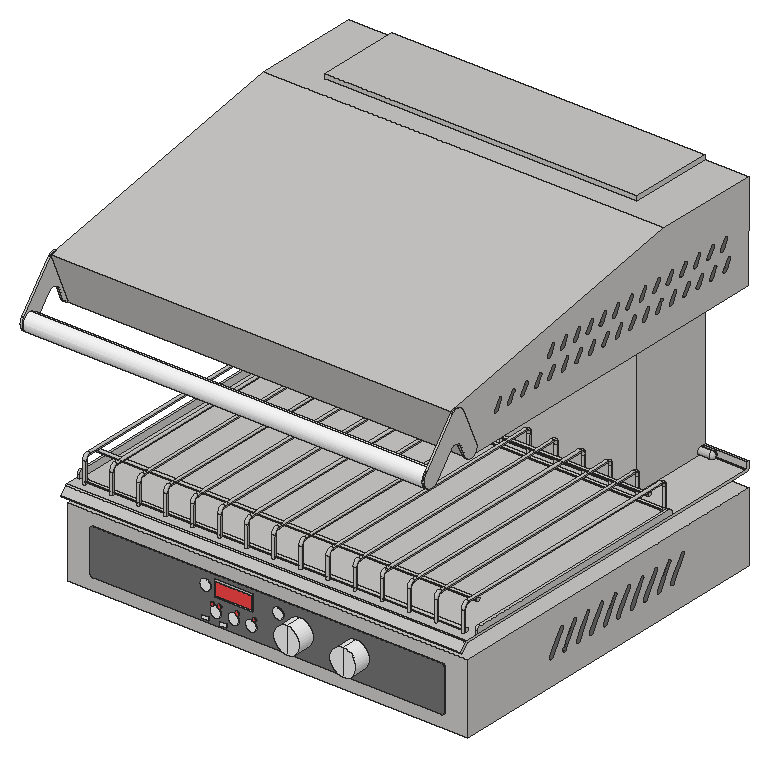
Revit family "QF_GIORIK_SHP30", category Specialty Equipment, Revit 2014
Parameters (values of type "SHP30")
  Weight in Pounds = 152.1188
  Watts = 4500 W
  Volts = 400 V
  URL Cutsheet = "www.giorik.com"
  URL = "www.giorik.com"
  Status [instance] = ""
  Specification by User [instance] = ""
  Specification by Manufacturer = ""
  Show Logo [instance] = yes
  Show Clearance [instance] = yes
  Serial Number = ""
  Seismic Rating = ""
  SMACNA No = ""
  Revision Code [instance] = ""
  Phase = 3
  Number of Poles [instance] = 3
  NAFEM Spec ID Number = ""
  Model = "SHP30"
  Min Ckt Ampacity = 0 A
  Max Overcurrent Protection = 0 A
  Masterspec = ""
  Manufacturer = "GIORIK"
  Item Number [instance] = ""
  Installed By [instance] = ""
  Identify Quantity as Lot [instance] = no
  HP = "6.034590000000"
  Furnished By [instance] = ""
  Foodservice Equipment Identifier [instance] = yes
  FL Amps = 0 A
  Electrical Remarks [instance] = ""
  Electric Connection Type [instance] = ""
  Elec Conn RI Height [instance] = 0 mm
  Elec Conn Connection Height [instance] = 39 mm
  Description = "FAST SALAMANDERS HI-LITE PLUS"
  Cycle = 50 Hz
  Conn Plug = ""
  CSI MasterFormat = ""
  Assembly Code = "E1090320"
  Apparent Power = 4500 VA
Reference planes
  plane 1 "Back": y = 0
  plane 2: z = 0
  plane 3 "Left": x = 0
  plane 4 "Right": x = 570
  plane 5 "Front": y = -581
  plane 6 "Top": z = 519
Forms (mm)
  Extrusion 1, solid
    sketch origin (0, 0, 0) x (0, 1, 0) y (0, 0, 1)
      loop
        line (0, 116) -> (-500, 116) -> (-500, 16) -> (0, 16) -> (0, 116)
    from 0 to 570
  Revolve 2, solid
    sketch origin (412.54, -51.8, 0) x (0, 1, 0) y (0, 0, 1)
      loop
        line (-473.4, 67.954) -> (-473.4, 49.354) -> (-450.4, 49.354) -> (-450.4, 64.954) -> (-448.1, 64.954) -> (-448.1, 67.954) -> (-473.4, 67.954)
      axis (-448.1, 67.954) -> (-473.4, 67.954)
    angle from 0 to 360
  Revolve 3, solid
    sketch origin (332.596, -51.8, 0) x (0, 1, 0) y (0, 0, 1)
      loop
        line (-473.4, 67.954) -> (-473.4, 49.354) -> (-450.4, 49.354) -> (-450.4, 64.954) -> (-448.1, 64.954) -> (-448.1, 67.954) -> (-473.4, 67.954)
      axis (-448.1, 67.954) -> (-473.4, 67.954)
    angle from 0 to 360
  Extrusion 4, solid
    sketch origin (0, 0, 0) x (0, 1, 0) y (0, 0, 1)
      loop
        line (-510.879, 128.424) -> (-501.718, 137.409) -> (-3, 137.409)
        arc (-3, 137.409) -> (-0.879, 138.288) -> (0, 140.409) r 3
        line (0, 140.409) -> (0, 150.409) -> (-3, 150.409) -> (-3, 141.409)
        arc (-3, 141.409) -> (-3.293, 140.702) -> (-4, 140.409) r 1
        line (-4, 140.409) -> (-501.718, 140.409)
        arc (-501.718, 140.409) -> (-502.852, 140.186) -> (-503.818, 139.551) r 3
        line (-503.818, 139.551) -> (-513, 130.545) -> (-510.879, 128.424)
    from 0 to 570
  Extrusion 5, solid
    sketch origin (0, 0, 1) x (0, 1, 0) y (0, 0, 1)
      loop
        line (-150, 512.02) -> (-531, 444.528) -> (-500, 372.02) -> (0, 372.02) -> (0, 512.02) -> (-150, 512.02)
    from 0 to 570
  Extrusion 6, solid
    sketch origin (0, 0, 0) x (0, 1, 0) y (0, 0, 1)
      loop
        line (-120, 116) -> (0, 116) -> (0, 373.02) -> (-120, 373.02) -> (-120, 116)
    from 62.5 to 507.5
  Extrusion 7, solid
    sketch origin (0, -38.013, -0.322) x (0, 1, 0) y (0, 0, 1)
      loop
        line (-491.588, 443.653) -> (-540.006, 386.512)
        arc (-540.006, 386.512) -> (-538.54, 368.783) -> (-520.812, 370.248) r 12.579
        line (-520.812, 370.248) -> (-495.462, 400.166)
        arc (-495.462, 400.166) -> (-486.485, 403.589) -> (-478.751, 397.888) r 10.025
        line (-478.751, 397.888) -> (-470.242, 379.619)
        arc (-470.242, 379.619) -> (-455.833, 374.347) -> (-450.524, 388.743) r 10.863
        line (-450.524, 388.743) -> (-474.877, 441.376)
        arc (-474.877, 441.376) -> (-482.609, 447.09) -> (-491.588, 443.653) r 10.009
    from -3 to 0
  Extrusion 8, solid
    sketch origin (573, -38.013, -0.322) x (0, 1, 0) y (0, 0, 1)
      loop
        line (-491.588, 443.653) -> (-540.006, 386.512)
        arc (-540.006, 386.512) -> (-538.54, 368.783) -> (-520.812, 370.248) r 12.579
        line (-520.812, 370.248) -> (-495.462, 400.166)
        arc (-495.462, 400.166) -> (-486.485, 403.589) -> (-478.751, 397.888) r 10.025
        line (-478.751, 397.888) -> (-470.242, 379.619)
        arc (-470.242, 379.619) -> (-455.833, 374.347) -> (-450.524, 388.743) r 10.863
        line (-450.524, 388.743) -> (-474.877, 441.376)
        arc (-474.877, 441.376) -> (-482.609, 447.09) -> (-491.588, 443.653) r 10.009
    from -3 to 0
  Revolve 9, solid
    sketch origin (0, -568.5, -0.322) x (1, 0, 0) y (0, 0, 1)
      loop
        line (0, 365.88) -> (569.991, 365.88) -> (569.991, 378.38) -> (0, 378.38) -> (0, 365.88)
      axis (0, 378.38) -> (569.991, 378.38)
    angle from 0 to 360
  Revolve 10, solid
    sketch origin (0, -107.054, 0) x (1, 0, 0) y (0, 0, 1)
      loop
        line (62.5, 127.28) -> (62.5, 132.28) -> (40.041, 132.28)
        arc (40.041, 132.28) -> (41.505, 128.744) -> (45.041, 127.28) r 5
        line (45.041, 127.28) -> (62.5, 127.28)
      axis (40.041, 132.28) -> (62.5, 132.28)
    angle from 0 to 360
  Revolve 11, solid
    sketch origin (0.028, -8.199, 13.32) x (1, 0, 0) y (0, 0, 1)
      loop
        line (62.5, 127.28) -> (62.5, 132.28) -> (40.041, 132.28)
        arc (40.041, 132.28) -> (41.505, 128.744) -> (45.041, 127.28) r 5
        line (45.041, 127.28) -> (62.5, 127.28)
      axis (40.041, 132.28) -> (62.5, 132.28)
    angle from 0 to 360
  Revolve 12, solid
    sketch origin (570, -107.054, 0) x (-1, 0, 0) y (0, 0, -1)
      loop
        line (62.5, -127.28) -> (45.041, -127.28)
        arc (45.041, -127.28) -> (41.505, -128.744) -> (40.041, -132.28) r 5
        line (40.041, -132.28) -> (62.5, -132.28) -> (62.5, -127.28)
      axis (40.041, -132.28) -> (62.5, -132.28)
    angle from 0 to 360
  Revolve 13, solid
    sketch origin (570, -8.199, 13.32) x (-1, 0, 0) y (0, 0, -1)
      loop
        line (62.5, -127.28) -> (45.041, -127.28)
        arc (45.041, -127.28) -> (41.505, -128.744) -> (40.041, -132.28) r 5
        line (40.041, -132.28) -> (62.5, -132.28) -> (62.5, -127.28)
      axis (40.041, -132.28) -> (62.5, -132.28)
    angle from 0 to 360
  Extrusion 14, solid
    sketch origin (0, 0, 1) x (0, 1, 0) y (0, 0, 1)
      loop
        line (0, 512.02) -> (0, 518) -> (-120, 518) -> (-120, 512.02) -> (0, 512.02)
    from 62.5 to 507.5
  Extrusion 15, solid
    sketch origin (0, -52.9, 0) x (1, 0, 0) y (0, 0, 1)
      loop
        arc (32.716, 38.339) -> (34.181, 34.803) -> (37.716, 33.339) r 5
        line (37.716, 33.339) -> (532.893, 33.339)
        arc (532.893, 33.339) -> (536.428, 34.803) -> (537.892, 38.339) r 5
        line (537.892, 38.339) -> (537.892, 94.34)
        arc (537.892, 94.34) -> (536.428, 97.875) -> (532.893, 99.339) r 4.999
        line (532.893, 99.339) -> (37.716, 99.339)
        arc (37.716, 99.339) -> (34.181, 97.875) -> (32.716, 94.34) r 4.999
        line (32.716, 94.34) -> (32.716, 38.339)
    from 446.1 to 448.1
  Extrusion 16, solid
    sketch origin (85, -53, 0) x (1, 0, 0) y (0, 0, 1)
      loop
        line (124.946, 70.461) -> (179.588, 70.461) -> (179.588, 92.461) -> (124.946, 92.461) -> (124.946, 70.461)
    from 446.1 to 448.1
  Extrusion 17, solid
    sketch origin (85, -53, 0) x (1, 0, 0) y (0, 0, 1)
      loop
        line (126.732, 72.461) -> (177.773, 72.461) -> (177.773, 90.461) -> (126.732, 90.461) -> (126.732, 72.461)
    from 446.2 to 448.2
  Extrusion 18, solid
    sketch origin (-689.015, -499.1, -819.648) x (1, 0, 0) y (0, 0, 1)
      loop
        circle (886.121, 900.481) r 7.55
    from 0 to 2
  Extrusion 19, solid
    sketch origin (-585.285, -499.1, -819.648) x (1, 0, 0) y (0, 0, 1)
      loop
        circle (886.121, 900.481) r 7.55
    from 0 to 2
  Extrusion 20, solid
    sketch origin (-674.352, -499.1, -849.241) x (1, 0, 0) y (0, 0, 1)
      loop
        circle (886.121, 900.481) r 7.55
    from 0 to 2
  Extrusion 21, solid
    sketch origin (-648.95, -499.1, -849.241) x (1, 0, 0) y (0, 0, 1)
      loop
        circle (886.121, 900.481) r 7.55
    from 0 to 2
  Extrusion 22, solid
    sketch origin (-623.907, -499.1, -849.272) x (1, 0, 0) y (0, 0, 1)
      loop
        circle (886.121, 900.481) r 7.55
    from 0 to 2
  Extrusion 23, solid
    sketch origin (85, -53, 0) x (1, 0, 0) y (0, 0, 1)
      loop
        line (106.574, 41.192) -> (106.574, 36.192) -> (116.574, 36.192) -> (116.574, 41.192) -> (106.574, 41.192)
      loop
        line (132.735, 41.192) -> (132.735, 36.192) -> (142.735, 36.192) -> (142.735, 41.192) -> (132.735, 41.192)
    from 446.1 to 448.1
  Extrusion 24, solid
    sketch origin (85, -52.9, 0) x (1, 0, 0) y (0, 0, 1)
      loop
        circle (121.957, 60.234) r 2.643
    from 446.2 to 448.2
  Extrusion 25, solid
    sketch origin (95.092, -52.9, 0) x (1, 0, 0) y (0, 0, 1)
      loop
        circle (121.957, 60.234) r 2.643
    from 446.2 to 448.2
  Extrusion 26, solid
    sketch origin (120.274, -52.9, 0) x (1, 0, 0) y (0, 0, 1)
      loop
        circle (121.957, 60.234) r 2.643
    from 446.2 to 448.2
  Extrusion 27, solid
    sketch origin (144.998, -52.9, 0) x (1, 0, 0) y (0, 0, 1)
      loop
        circle (121.957, 60.234) r 2.643
    from 446.2 to 448.2
  Extrusion 28, solid
    sketch origin (0, -38.013, -0.322) x (0, 1, 0) y (0, 0, 1)
      loop
        line (-491.588, 443.653) -> (-540.006, 386.512)
        arc (-540.006, 386.512) -> (-538.54, 368.783) -> (-520.812, 370.248) r 12.579
        line (-520.812, 370.248) -> (-495.462, 400.166)
        arc (-495.462, 400.166) -> (-486.485, 403.589) -> (-478.751, 397.888) r 10.025
        line (-478.751, 397.888) -> (-470.242, 379.619)
        arc (-470.242, 379.619) -> (-455.833, 374.347) -> (-450.524, 388.743) r 10.863
        line (-450.524, 388.743) -> (-474.877, 441.376)
        arc (-474.877, 441.376) -> (-482.609, 447.09) -> (-491.588, 443.653) r 10.009
    from -3 to 0
  Extrusion 29, solid
    sketch origin (7.5, -1.873, 0) x (0, 1, 0) y (0, 0, 1)
      loop
        line (-389.127, 137.409) -> (-409.127, 137.409) -> (-409.127, 116) -> (-389.127, 116) -> (-389.127, 137.409)
    from 62.5 to 82.5
  Extrusion 30, solid
    sketch origin (0, 0, 0) x (1, 0, 0) y (0, 0, 1)
      loop
        circle (518, 39) r 12.7
    from 0 to -15
  Extrusion 31, solid
    sketch origin (570, 1.487, 0.966) x (0, 1, 0) y (0, 0, -1)
      loop
        arc (-122.233, -83.563) -> (-118.14, -84.682) -> (-117.021, -80.589) r 3
        line (-117.021, -80.589) -> (-133.772, -51.235)
        arc (-133.772, -51.235) -> (-137.865, -50.116) -> (-138.983, -54.209) r 3
        line (-138.983, -54.209) -> (-122.233, -83.563)
      loop
        arc (-145.943, -83.563) -> (-141.85, -84.682) -> (-140.732, -80.589) r 3
        line (-140.732, -80.589) -> (-157.482, -51.235)
        arc (-157.482, -51.235) -> (-161.575, -50.116) -> (-162.693, -54.209) r 3
        line (-162.693, -54.209) -> (-145.943, -83.563)
      loop
        arc (-170.249, -83.563) -> (-166.156, -84.682) -> (-165.037, -80.589) r 3
        line (-165.037, -80.589) -> (-181.788, -51.235)
        arc (-181.788, -51.235) -> (-185.881, -50.116) -> (-186.999, -54.209) r 3
        line (-186.999, -54.209) -> (-170.249, -83.563)
      loop
        arc (-194.226, -83.563) -> (-190.133, -84.682) -> (-189.015, -80.589) r 3
        line (-189.015, -80.589) -> (-205.765, -51.235)
        arc (-205.765, -51.235) -> (-209.858, -50.116) -> (-210.977, -54.209) r 3
        line (-210.977, -54.209) -> (-194.226, -83.563)
      loop
        arc (-218.413, -83.563) -> (-214.32, -84.682) -> (-213.201, -80.589) r 3
        line (-213.201, -80.589) -> (-229.952, -51.235)
        arc (-229.952, -51.235) -> (-234.045, -50.116) -> (-235.163, -54.209) r 3
        line (-235.163, -54.209) -> (-218.413, -83.563)
      loop
        arc (-242.123, -83.563) -> (-238.03, -84.682) -> (-236.912, -80.589) r 3
        line (-236.912, -80.589) -> (-253.662, -51.235)
        arc (-253.662, -51.235) -> (-257.755, -50.116) -> (-258.873, -54.209) r 3
        line (-258.873, -54.209) -> (-242.123, -83.563)
      loop
        arc (-266.429, -83.563) -> (-262.336, -84.682) -> (-261.218, -80.589) r 3
        line (-261.218, -80.589) -> (-277.968, -51.235)
        arc (-277.968, -51.235) -> (-282.061, -50.116) -> (-283.179, -54.209) r 3
        line (-283.179, -54.209) -> (-266.429, -83.563)
      loop
        arc (-290.548, -83.563) -> (-286.456, -84.682) -> (-285.337, -80.589) r 3
        line (-285.337, -80.589) -> (-302.088, -51.235)
        arc (-302.088, -51.235) -> (-306.18, -50.116) -> (-307.299, -54.209) r 3
        line (-307.299, -54.209) -> (-290.548, -83.563)
      loop
        arc (-314.497, -83.563) -> (-310.404, -84.682) -> (-309.285, -80.589) r 3
        line (-309.285, -80.589) -> (-326.036, -51.235)
        arc (-326.036, -51.235) -> (-330.129, -50.116) -> (-331.247, -54.209) r 3
        line (-331.247, -54.209) -> (-314.497, -83.563)
      loop
        arc (-338.088, -83.563) -> (-333.995, -84.682) -> (-332.876, -80.589) r 3
        line (-332.876, -80.589) -> (-349.627, -51.235)
        arc (-349.627, -51.235) -> (-353.72, -50.116) -> (-354.838, -54.209) r 3
        line (-354.838, -54.209) -> (-338.088, -83.563)
    from -0.1 to 2.047
  Extrusion 32, solid
    sketch origin (550.603, -377.707, -34) x (0, 1, 0) y (-1, 0, 0)
      loop
        circle (-79.293, 516.603) r 5
    from 43.286 to 50
  Revolve 33, solid
    sketch origin (34, -373.057, -604) x (0, 1, 0) y (0, 0, 1)
      loop
        line (-83.943, 613.286) -> (-94.4, 613.286) -> (-96.887, 603.957) -> (-83.943, 603.957) -> (-83.943, 613.286)
      axis (-83.943, 613.286) -> (-83.943, 603.957)
    angle from 0 to 360
  Extrusion 34, solid
    sketch origin (19.397, -377.707, -34) x (0, 1, 0) y (-1, 0, 0)
      loop
        circle (-79.293, -516.603) r 5
    from 43.286 to 50
  Revolve 35, solid
    sketch origin (536, -373.057, -604) x (0, 1, 0) y (0, 0, -1)
      loop
        line (-83.943, -613.286) -> (-83.943, -603.957) -> (-96.887, -603.957) -> (-94.4, -613.286) -> (-83.943, -613.286)
      axis (-83.943, -613.286) -> (-83.943, -603.957)
    angle from 0 to 360
  Extrusion 36, solid
    sketch origin (550.603, 43.293, -34) x (0, 1, 0) y (-1, 0, 0)
      loop
        circle (-79.293, 516.603) r 5
    from 43.286 to 50
  Revolve 37, solid
    sketch origin (34, 47.943, -604) x (0, 1, 0) y (0, 0, 1)
      loop
        line (-83.943, 613.286) -> (-94.4, 613.286) -> (-96.887, 603.957) -> (-83.943, 603.957) -> (-83.943, 613.286)
      axis (-83.943, 613.286) -> (-83.943, 603.957)
    angle from 0 to 360
  Extrusion 38, solid
    sketch origin (19.397, 43.293, -34) x (0, 1, 0) y (-1, 0, 0)
      loop
        circle (-79.293, -516.603) r 5
    from 43.286 to 50
  Revolve 39, solid
    sketch origin (536, 47.943, -604) x (0, 1, 0) y (0, 0, -1)
      loop
        line (-83.943, -613.286) -> (-83.943, -603.957) -> (-96.887, -603.957) -> (-94.4, -613.286) -> (-83.943, -613.286)
      axis (-83.943, -613.286) -> (-83.943, -603.957)
    angle from 0 to 360
  Extrusion 40, solid
    sketch origin (-0.103, 15.53, -2.073) x (0, 1, 0) y (0, 0, 1)
      loop
        line (-367.103, 412.901) -> (-361.099, 423.422)
        arc (-361.099, 423.422) -> (-362.218, 427.515) -> (-366.31, 426.396) r 3
        line (-366.31, 426.396) -> (-372.314, 415.875)
        arc (-372.314, 415.875) -> (-371.195, 411.782) -> (-367.103, 412.901) r 3
      loop
        line (-390.682, 412.901) -> (-384.678, 423.422)
        arc (-384.678, 423.422) -> (-385.797, 427.515) -> (-389.89, 426.396) r 3
        line (-389.89, 426.396) -> (-395.893, 415.875)
        arc (-395.893, 415.875) -> (-394.775, 411.782) -> (-390.682, 412.901) r 3
      loop
        line (-415.44, 412.901) -> (-409.437, 423.422)
        arc (-409.437, 423.422) -> (-410.555, 427.515) -> (-414.648, 426.396) r 3
        line (-414.648, 426.396) -> (-420.652, 415.875)
        arc (-420.652, 415.875) -> (-419.533, 411.782) -> (-415.44, 412.901) r 3
      loop
        line (-438.823, 412.901) -> (-432.819, 423.422)
        arc (-432.819, 423.422) -> (-433.938, 427.515) -> (-438.031, 426.396) r 3
        line (-438.031, 426.396) -> (-444.034, 415.875)
        arc (-444.034, 415.875) -> (-442.916, 411.782) -> (-438.823, 412.901) r 3
      loop
        line (-54.819, 412.901) -> (-48.816, 423.422)
        arc (-48.816, 423.422) -> (-49.934, 427.515) -> (-54.027, 426.396) r 3
        line (-54.027, 426.396) -> (-60.036, 415.866)
        arc (-60.036, 415.866) -> (-58.907, 411.78) -> (-54.819, 412.901) r 3
      loop
        line (-78.988, 412.901) -> (-72.984, 423.422)
        arc (-72.984, 423.422) -> (-74.103, 427.515) -> (-78.196, 426.396) r 3
        line (-78.196, 426.396) -> (-84.204, 415.866)
        arc (-84.204, 415.866) -> (-83.076, 411.78) -> (-78.988, 412.901) r 3
      loop
        line (-102.764, 412.901) -> (-96.76, 423.422)
        arc (-96.76, 423.422) -> (-97.879, 427.515) -> (-101.971, 426.396) r 3
        line (-101.971, 426.396) -> (-107.98, 415.866)
        arc (-107.98, 415.866) -> (-106.852, 411.78) -> (-102.764, 412.901) r 3
      loop
        line (-126.54, 412.901) -> (-120.536, 423.422)
        arc (-120.536, 423.422) -> (-121.655, 427.515) -> (-125.747, 426.396) r 3
        line (-125.747, 426.396) -> (-131.756, 415.866)
        arc (-131.756, 415.866) -> (-130.628, 411.78) -> (-126.54, 412.901) r 3
      loop
        line (-150.709, 412.901) -> (-144.705, 423.422)
        arc (-144.705, 423.422) -> (-145.824, 427.515) -> (-149.916, 426.396) r 3
        line (-149.916, 426.396) -> (-155.925, 415.866)
        arc (-155.925, 415.866) -> (-154.797, 411.78) -> (-150.709, 412.901) r 3
      loop
        line (-174.931, 412.901) -> (-168.927, 423.422)
        arc (-168.927, 423.422) -> (-170.046, 427.515) -> (-174.139, 426.396) r 3
        line (-174.139, 426.396) -> (-180.142, 415.875)
        arc (-180.142, 415.875) -> (-179.024, 411.782) -> (-174.931, 412.901) r 3
      loop
        line (-198.904, 412.901) -> (-192.9, 423.422)
        arc (-192.9, 423.422) -> (-194.019, 427.515) -> (-198.111, 426.396) r 3
        line (-198.111, 426.396) -> (-204.115, 415.875)
        arc (-204.115, 415.875) -> (-202.996, 411.782) -> (-198.904, 412.901) r 3
      loop
        line (-222.876, 412.901) -> (-216.872, 423.422)
        arc (-216.872, 423.422) -> (-217.991, 427.515) -> (-222.083, 426.396) r 3
        line (-222.083, 426.396) -> (-228.087, 415.875)
        arc (-228.087, 415.875) -> (-226.968, 411.782) -> (-222.876, 412.901) r 3
      loop
        line (-246.652, 412.901) -> (-240.648, 423.422)
        arc (-240.648, 423.422) -> (-241.767, 427.515) -> (-245.859, 426.396) r 3
        line (-245.859, 426.396) -> (-251.863, 415.875)
        arc (-251.863, 415.875) -> (-250.744, 411.782) -> (-246.652, 412.901) r 3
      loop
        line (-270.821, 412.901) -> (-264.817, 423.422)
        arc (-264.817, 423.422) -> (-265.935, 427.515) -> (-270.028, 426.396) r 3
        line (-270.028, 426.396) -> (-276.032, 415.875)
        arc (-276.032, 415.875) -> (-274.913, 411.782) -> (-270.821, 412.901) r 3
      loop
        line (-294.793, 412.901) -> (-288.789, 423.422)
        arc (-288.789, 423.422) -> (-289.908, 427.515) -> (-294, 426.396) r 3
        line (-294, 426.396) -> (-300.004, 415.875)
        arc (-300.004, 415.875) -> (-298.885, 411.782) -> (-294.793, 412.901) r 3
      loop
        line (-318.765, 412.901) -> (-312.761, 423.422)
        arc (-312.761, 423.422) -> (-313.88, 427.515) -> (-317.973, 426.396) r 3
        line (-317.973, 426.396) -> (-323.976, 415.875)
        arc (-323.976, 415.875) -> (-322.858, 411.782) -> (-318.765, 412.901) r 3
      loop
        line (-342.934, 412.901) -> (-336.93, 423.422)
        arc (-336.93, 423.422) -> (-338.049, 427.515) -> (-342.141, 426.396) r 3
        line (-342.141, 426.396) -> (-348.145, 415.875)
        arc (-348.145, 415.875) -> (-347.026, 411.782) -> (-342.934, 412.901) r 3
      loop
        line (-462.23, 412.901) -> (-456.226, 423.422)
        arc (-456.226, 423.422) -> (-457.345, 427.515) -> (-461.437, 426.396) r 3
        line (-461.437, 426.396) -> (-467.441, 415.875)
        arc (-467.441, 415.875) -> (-466.323, 411.782) -> (-462.23, 412.901) r 3
      loop
        line (-59.93, 441.379) -> (-53.926, 451.9)
        arc (-53.926, 451.9) -> (-55.045, 455.993) -> (-59.137, 454.874) r 3
        line (-59.137, 454.874) -> (-65.141, 444.353)
        arc (-65.141, 444.353) -> (-64.023, 440.26) -> (-59.93, 441.379) r 3
      loop
        line (-83.706, 441.379) -> (-77.702, 451.9)
        arc (-77.702, 451.9) -> (-78.821, 455.993) -> (-82.913, 454.874) r 3
        line (-82.913, 454.874) -> (-88.917, 444.353)
        arc (-88.917, 444.353) -> (-87.798, 440.26) -> (-83.706, 441.379) r 3
      loop
        line (-107.678, 441.379) -> (-101.674, 451.9)
        arc (-101.674, 451.9) -> (-102.793, 455.993) -> (-106.886, 454.874) r 3
        line (-106.886, 454.874) -> (-112.889, 444.353)
        arc (-112.889, 444.353) -> (-111.771, 440.26) -> (-107.678, 441.379) r 3
      loop
        line (-132.043, 441.379) -> (-126.04, 451.9)
        arc (-126.04, 451.9) -> (-127.158, 455.993) -> (-131.251, 454.874) r 3
        line (-131.251, 454.874) -> (-137.255, 444.353)
        arc (-137.255, 444.353) -> (-136.136, 440.26) -> (-132.043, 441.379) r 3
      loop
        line (-156.212, 441.379) -> (-150.209, 451.9)
        arc (-150.209, 451.9) -> (-151.327, 455.993) -> (-155.42, 454.874) r 3
        line (-155.42, 454.874) -> (-161.424, 444.353)
        arc (-161.424, 444.353) -> (-160.305, 440.26) -> (-156.212, 441.379) r 3
      loop
        line (-179.792, 441.379) -> (-173.788, 451.9)
        arc (-173.788, 451.9) -> (-174.907, 455.993) -> (-178.999, 454.874) r 3
        line (-178.999, 454.874) -> (-185.003, 444.353)
        arc (-185.003, 444.353) -> (-183.884, 440.26) -> (-179.792, 441.379) r 3
      loop
        line (-204.014, 441.379) -> (-198.011, 451.9)
        arc (-198.011, 451.9) -> (-199.129, 455.993) -> (-203.222, 454.874) r 3
        line (-203.222, 454.874) -> (-209.226, 444.353)
        arc (-209.226, 444.353) -> (-208.107, 440.26) -> (-204.014, 441.379) r 3
      loop
        line (-227.987, 441.379) -> (-221.983, 451.9)
        arc (-221.983, 451.9) -> (-223.102, 455.993) -> (-227.194, 454.874) r 3
        line (-227.194, 454.874) -> (-233.198, 444.353)
        arc (-233.198, 444.353) -> (-232.079, 440.26) -> (-227.987, 441.379) r 3
      loop
        line (-252.155, 441.379) -> (-246.152, 451.9)
        arc (-246.152, 451.9) -> (-247.27, 455.993) -> (-251.363, 454.874) r 3
        line (-251.363, 454.874) -> (-257.367, 444.353)
        arc (-257.367, 444.353) -> (-256.248, 440.26) -> (-252.155, 441.379) r 3
      loop
        line (-275.735, 441.379) -> (-269.731, 451.9)
        arc (-269.731, 451.9) -> (-270.85, 455.993) -> (-274.942, 454.874) r 3
        line (-274.942, 454.874) -> (-280.946, 444.353)
        arc (-280.946, 444.353) -> (-279.827, 440.26) -> (-275.735, 441.379) r 3
      loop
        line (-298.749, 441.379) -> (-292.745, 451.9)
        arc (-292.745, 451.9) -> (-293.864, 455.993) -> (-297.956, 454.874) r 3
        line (-297.956, 454.874) -> (-303.96, 444.353)
        arc (-303.96, 444.353) -> (-302.841, 440.26) -> (-298.749, 441.379) r 3
      loop
        line (-321.735, 441.379) -> (-315.731, 451.9)
        arc (-315.731, 451.9) -> (-316.85, 455.993) -> (-320.942, 454.874) r 3
        line (-320.942, 454.874) -> (-326.946, 444.353)
        arc (-326.946, 444.353) -> (-325.827, 440.26) -> (-321.735, 441.379) r 3
      loop
        line (-344.749, 441.379) -> (-338.745, 451.9)
        arc (-338.745, 451.9) -> (-339.864, 455.993) -> (-343.956, 454.874) r 3
        line (-343.956, 454.874) -> (-349.96, 444.353)
        arc (-349.96, 444.353) -> (-348.841, 440.26) -> (-344.749, 441.379) r 3
      loop
        line (-367.749, 441.379) -> (-361.745, 451.9)
        arc (-361.745, 451.9) -> (-362.864, 455.993) -> (-366.956, 454.874) r 3
        line (-366.956, 454.874) -> (-372.96, 444.353)
        arc (-372.96, 444.353) -> (-371.841, 440.26) -> (-367.749, 441.379) r 3
    from 0 to 2.101
  Extrusion 41, solid
    sketch origin (0, 1.487, 0.966) x (0, 1, 0) y (0, 0, 1)
      loop
        line (-122.233, 83.563) -> (-138.983, 54.209)
        arc (-138.983, 54.209) -> (-137.865, 50.116) -> (-133.772, 51.235) r 3
        line (-133.772, 51.235) -> (-117.021, 80.589)
        arc (-117.021, 80.589) -> (-118.14, 84.682) -> (-122.233, 83.563) r 3
      loop
        line (-145.943, 83.563) -> (-162.693, 54.209)
        arc (-162.693, 54.209) -> (-161.575, 50.116) -> (-157.482, 51.235) r 3
        line (-157.482, 51.235) -> (-140.732, 80.589)
        arc (-140.732, 80.589) -> (-141.85, 84.682) -> (-145.943, 83.563) r 3
      loop
        line (-170.249, 83.563) -> (-186.999, 54.209)
        arc (-186.999, 54.209) -> (-185.881, 50.116) -> (-181.788, 51.235) r 3
        line (-181.788, 51.235) -> (-165.037, 80.589)
        arc (-165.037, 80.589) -> (-166.156, 84.682) -> (-170.249, 83.563) r 3
      loop
        line (-194.226, 83.563) -> (-210.977, 54.209)
        arc (-210.977, 54.209) -> (-209.858, 50.116) -> (-205.765, 51.235) r 3
        line (-205.765, 51.235) -> (-189.015, 80.589)
        arc (-189.015, 80.589) -> (-190.133, 84.682) -> (-194.226, 83.563) r 3
      loop
        line (-218.413, 83.563) -> (-235.163, 54.209)
        arc (-235.163, 54.209) -> (-234.045, 50.116) -> (-229.952, 51.235) r 3
        line (-229.952, 51.235) -> (-213.201, 80.589)
        arc (-213.201, 80.589) -> (-214.32, 84.682) -> (-218.413, 83.563) r 3
      loop
        line (-242.123, 83.563) -> (-258.873, 54.209)
        arc (-258.873, 54.209) -> (-257.755, 50.116) -> (-253.662, 51.235) r 3
        line (-253.662, 51.235) -> (-236.912, 80.589)
        arc (-236.912, 80.589) -> (-238.03, 84.682) -> (-242.123, 83.563) r 3
      loop
        line (-266.429, 83.563) -> (-283.179, 54.209)
        arc (-283.179, 54.209) -> (-282.061, 50.116) -> (-277.968, 51.235) r 3
        line (-277.968, 51.235) -> (-261.218, 80.589)
        arc (-261.218, 80.589) -> (-262.336, 84.682) -> (-266.429, 83.563) r 3
      loop
        line (-290.548, 83.563) -> (-307.299, 54.209)
        arc (-307.299, 54.209) -> (-306.18, 50.116) -> (-302.088, 51.235) r 3
        line (-302.088, 51.235) -> (-285.337, 80.589)
        arc (-285.337, 80.589) -> (-286.456, 84.682) -> (-290.548, 83.563) r 3
      loop
        line (-314.497, 83.563) -> (-331.247, 54.209)
        arc (-331.247, 54.209) -> (-330.129, 50.116) -> (-326.036, 51.235) r 3
        line (-326.036, 51.235) -> (-309.285, 80.589)
        arc (-309.285, 80.589) -> (-310.404, 84.682) -> (-314.497, 83.563) r 3
      loop
        line (-338.088, 83.563) -> (-354.838, 54.209)
        arc (-354.838, 54.209) -> (-353.72, 50.116) -> (-349.627, 51.235) r 3
        line (-349.627, 51.235) -> (-332.876, 80.589)
        arc (-332.876, 80.589) -> (-333.995, 84.682) -> (-338.088, 83.563) r 3
    from -0.1 to 2.047
  Extrusion 42, solid
    sketch origin (570.103, 15.53, -2.073) x (0, 1, 0) y (0, 0, -1)
      loop
        arc (-367.103, -412.901) -> (-371.195, -411.782) -> (-372.314, -415.875) r 3
        line (-372.314, -415.875) -> (-366.31, -426.396)
        arc (-366.31, -426.396) -> (-362.218, -427.515) -> (-361.099, -423.422) r 3
        line (-361.099, -423.422) -> (-367.103, -412.901)
      loop
        arc (-390.682, -412.901) -> (-394.775, -411.782) -> (-395.893, -415.875) r 3
        line (-395.893, -415.875) -> (-389.89, -426.396)
        arc (-389.89, -426.396) -> (-385.797, -427.515) -> (-384.678, -423.422) r 3
        line (-384.678, -423.422) -> (-390.682, -412.901)
      loop
        arc (-415.44, -412.901) -> (-419.533, -411.782) -> (-420.652, -415.875) r 3
        line (-420.652, -415.875) -> (-414.648, -426.396)
        arc (-414.648, -426.396) -> (-410.555, -427.515) -> (-409.437, -423.422) r 3
        line (-409.437, -423.422) -> (-415.44, -412.901)
      loop
        arc (-438.823, -412.901) -> (-442.916, -411.782) -> (-444.034, -415.875) r 3
        line (-444.034, -415.875) -> (-438.031, -426.396)
        arc (-438.031, -426.396) -> (-433.938, -427.515) -> (-432.819, -423.422) r 3
        line (-432.819, -423.422) -> (-438.823, -412.901)
      loop
        arc (-54.819, -412.901) -> (-58.907, -411.78) -> (-60.036, -415.866) r 3
        line (-60.036, -415.866) -> (-54.027, -426.396)
        arc (-54.027, -426.396) -> (-49.934, -427.515) -> (-48.816, -423.422) r 3
        line (-48.816, -423.422) -> (-54.819, -412.901)
      loop
        arc (-78.988, -412.901) -> (-83.076, -411.78) -> (-84.204, -415.866) r 3
        line (-84.204, -415.866) -> (-78.196, -426.396)
        arc (-78.196, -426.396) -> (-74.103, -427.515) -> (-72.984, -423.422) r 3
        line (-72.984, -423.422) -> (-78.988, -412.901)
      loop
        arc (-102.764, -412.901) -> (-106.852, -411.78) -> (-107.98, -415.866) r 3
        line (-107.98, -415.866) -> (-101.971, -426.396)
        arc (-101.971, -426.396) -> (-97.879, -427.515) -> (-96.76, -423.422) r 3
        line (-96.76, -423.422) -> (-102.764, -412.901)
      loop
        arc (-126.54, -412.901) -> (-130.628, -411.78) -> (-131.756, -415.866) r 3
        line (-131.756, -415.866) -> (-125.747, -426.396)
        arc (-125.747, -426.396) -> (-121.655, -427.515) -> (-120.536, -423.422) r 3
        line (-120.536, -423.422) -> (-126.54, -412.901)
      loop
        arc (-150.709, -412.901) -> (-154.797, -411.78) -> (-155.925, -415.866) r 3
        line (-155.925, -415.866) -> (-149.916, -426.396)
        arc (-149.916, -426.396) -> (-145.824, -427.515) -> (-144.705, -423.422) r 3
        line (-144.705, -423.422) -> (-150.709, -412.901)
      loop
        arc (-174.931, -412.901) -> (-179.024, -411.782) -> (-180.142, -415.875) r 3
        line (-180.142, -415.875) -> (-174.139, -426.396)
        arc (-174.139, -426.396) -> (-170.046, -427.515) -> (-168.927, -423.422) r 3
        line (-168.927, -423.422) -> (-174.931, -412.901)
      loop
        arc (-198.904, -412.901) -> (-202.996, -411.782) -> (-204.115, -415.875) r 3
        line (-204.115, -415.875) -> (-198.111, -426.396)
        arc (-198.111, -426.396) -> (-194.019, -427.515) -> (-192.9, -423.422) r 3
        line (-192.9, -423.422) -> (-198.904, -412.901)
      loop
        arc (-222.876, -412.901) -> (-226.968, -411.782) -> (-228.087, -415.875) r 3
        line (-228.087, -415.875) -> (-222.083, -426.396)
        arc (-222.083, -426.396) -> (-217.991, -427.515) -> (-216.872, -423.422) r 3
        line (-216.872, -423.422) -> (-222.876, -412.901)
      loop
        arc (-246.652, -412.901) -> (-250.744, -411.782) -> (-251.863, -415.875) r 3
        line (-251.863, -415.875) -> (-245.859, -426.396)
        arc (-245.859, -426.396) -> (-241.767, -427.515) -> (-240.648, -423.422) r 3
        line (-240.648, -423.422) -> (-246.652, -412.901)
      loop
        arc (-270.821, -412.901) -> (-274.913, -411.782) -> (-276.032, -415.875) r 3
        line (-276.032, -415.875) -> (-270.028, -426.396)
        arc (-270.028, -426.396) -> (-265.935, -427.515) -> (-264.817, -423.422) r 3
        line (-264.817, -423.422) -> (-270.821, -412.901)
      loop
        arc (-294.793, -412.901) -> (-298.885, -411.782) -> (-300.004, -415.875) r 3
        line (-300.004, -415.875) -> (-294, -426.396)
        arc (-294, -426.396) -> (-289.908, -427.515) -> (-288.789, -423.422) r 3
        line (-288.789, -423.422) -> (-294.793, -412.901)
      loop
        arc (-318.765, -412.901) -> (-322.858, -411.782) -> (-323.976, -415.875) r 3
        line (-323.976, -415.875) -> (-317.973, -426.396)
        arc (-317.973, -426.396) -> (-313.88, -427.515) -> (-312.761, -423.422) r 3
        line (-312.761, -423.422) -> (-318.765, -412.901)
      loop
        arc (-342.934, -412.901) -> (-347.026, -411.782) -> (-348.145, -415.875) r 3
        line (-348.145, -415.875) -> (-342.141, -426.396)
        arc (-342.141, -426.396) -> (-338.049, -427.515) -> (-336.93, -423.422) r 3
        line (-336.93, -423.422) -> (-342.934, -412.901)
      loop
        arc (-462.23, -412.901) -> (-466.323, -411.782) -> (-467.441, -415.875) r 3
        line (-467.441, -415.875) -> (-461.437, -426.396)
        arc (-461.437, -426.396) -> (-457.345, -427.515) -> (-456.226, -423.422) r 3
        line (-456.226, -423.422) -> (-462.23, -412.901)
      loop
        arc (-59.93, -441.379) -> (-64.023, -440.26) -> (-65.141, -444.353) r 3
        line (-65.141, -444.353) -> (-59.137, -454.874)
        arc (-59.137, -454.874) -> (-55.045, -455.993) -> (-53.926, -451.9) r 3
        line (-53.926, -451.9) -> (-59.93, -441.379)
      loop
        arc (-83.706, -441.379) -> (-87.798, -440.26) -> (-88.917, -444.353) r 3
        line (-88.917, -444.353) -> (-82.913, -454.874)
        arc (-82.913, -454.874) -> (-78.821, -455.993) -> (-77.702, -451.9) r 3
        line (-77.702, -451.9) -> (-83.706, -441.379)
      loop
        arc (-107.678, -441.379) -> (-111.771, -440.26) -> (-112.889, -444.353) r 3
        line (-112.889, -444.353) -> (-106.886, -454.874)
        arc (-106.886, -454.874) -> (-102.793, -455.993) -> (-101.674, -451.9) r 3
        line (-101.674, -451.9) -> (-107.678, -441.379)
      loop
        arc (-132.043, -441.379) -> (-136.136, -440.26) -> (-137.255, -444.353) r 3
        line (-137.255, -444.353) -> (-131.251, -454.874)
        arc (-131.251, -454.874) -> (-127.158, -455.993) -> (-126.04, -451.9) r 3
        line (-126.04, -451.9) -> (-132.043, -441.379)
      loop
        arc (-156.212, -441.379) -> (-160.305, -440.26) -> (-161.424, -444.353) r 3
        line (-161.424, -444.353) -> (-155.42, -454.874)
        arc (-155.42, -454.874) -> (-151.327, -455.993) -> (-150.209, -451.9) r 3
        line (-150.209, -451.9) -> (-156.212, -441.379)
      loop
        arc (-179.792, -441.379) -> (-183.884, -440.26) -> (-185.003, -444.353) r 3
        line (-185.003, -444.353) -> (-178.999, -454.874)
        arc (-178.999, -454.874) -> (-174.907, -455.993) -> (-173.788, -451.9) r 3
        line (-173.788, -451.9) -> (-179.792, -441.379)
      loop
        arc (-204.014, -441.379) -> (-208.107, -440.26) -> (-209.226, -444.353) r 3
        line (-209.226, -444.353) -> (-203.222, -454.874)
        arc (-203.222, -454.874) -> (-199.129, -455.993) -> (-198.011, -451.9) r 3
        line (-198.011, -451.9) -> (-204.014, -441.379)
      loop
        arc (-227.987, -441.379) -> (-232.079, -440.26) -> (-233.198, -444.353) r 3
        line (-233.198, -444.353) -> (-227.194, -454.874)
        arc (-227.194, -454.874) -> (-223.102, -455.993) -> (-221.983, -451.9) r 3
        line (-221.983, -451.9) -> (-227.987, -441.379)
      loop
        arc (-252.155, -441.379) -> (-256.248, -440.26) -> (-257.367, -444.353) r 3
        line (-257.367, -444.353) -> (-251.363, -454.874)
        arc (-251.363, -454.874) -> (-247.27, -455.993) -> (-246.152, -451.9) r 3
        line (-246.152, -451.9) -> (-252.155, -441.379)
      loop
        arc (-275.735, -441.379) -> (-279.827, -440.26) -> (-280.946, -444.353) r 3
        line (-280.946, -444.353) -> (-274.942, -454.874)
        arc (-274.942, -454.874) -> (-270.85, -455.993) -> (-269.731, -451.9) r 3
        line (-269.731, -451.9) -> (-275.735, -441.379)
      loop
        arc (-298.749, -441.379) -> (-302.841, -440.26) -> (-303.96, -444.353) r 3
        line (-303.96, -444.353) -> (-297.956, -454.874)
        arc (-297.956, -454.874) -> (-293.864, -455.993) -> (-292.745, -451.9) r 3
        line (-292.745, -451.9) -> (-298.749, -441.379)
      loop
        arc (-321.735, -441.379) -> (-325.827, -440.26) -> (-326.946, -444.353) r 3
        line (-326.946, -444.353) -> (-320.942, -454.874)
        arc (-320.942, -454.874) -> (-316.85, -455.993) -> (-315.731, -451.9) r 3
        line (-315.731, -451.9) -> (-321.735, -441.379)
      loop
        arc (-344.749, -441.379) -> (-348.841, -440.26) -> (-349.96, -444.353) r 3
        line (-349.96, -444.353) -> (-343.956, -454.874)
        arc (-343.956, -454.874) -> (-339.864, -455.993) -> (-338.745, -451.9) r 3
        line (-338.745, -451.9) -> (-344.749, -441.379)
      loop
        arc (-367.749, -441.379) -> (-371.841, -440.26) -> (-372.96, -444.353) r 3
        line (-372.96, -444.353) -> (-366.956, -454.874)
        arc (-366.956, -454.874) -> (-362.864, -455.993) -> (-361.745, -451.9) r 3
        line (-361.745, -451.9) -> (-367.749, -441.379)
    from 0 to 2.101
  Extrusion 43, solid
    sketch origin (0, -0.003, 0) x (0, 1, 0) y (0, 0, 1)
      loop
        arc (-477.408, 149.627) -> (-480.944, 148.162) -> (-482.408, 144.627) r 5
        line (-482.408, 144.627) -> (-482.408, 140.409) -> (-136.497, 140.409) -> (-136.497, 144.627)
        arc (-136.497, 144.627) -> (-137.962, 148.162) -> (-141.497, 149.627) r 5
        line (-141.497, 149.627) -> (-477.408, 149.627)
    from 0 to 3
  Extrusion 44, solid
    sketch origin (567, -0.003, 0) x (0, 1, 0) y (0, 0, 1)
      loop
        arc (-477.408, 149.627) -> (-480.944, 148.162) -> (-482.408, 144.627) r 5
        line (-482.408, 144.627) -> (-482.408, 140.409) -> (-136.497, 140.409) -> (-136.497, 144.627)
        arc (-136.497, 144.627) -> (-137.962, 148.162) -> (-141.497, 149.627) r 5
        line (-141.497, 149.627) -> (-477.408, 149.627)
    from 0 to 3
  Sweep 45, solid
    path origin (14.8, -0.003, 0) x (0, 1, 0) y (0, 0, 1)
      loop
        line (-132.497, 140.409) -> (-132.497, 170.63)
        arc (-132.497, 170.63) -> (-133.668, 173.457) -> (-136.495, 174.628) r 3.998
        line (-136.495, 174.628) -> (-482.401, 174.628)
        arc (-482.401, 174.628) -> (-485.228, 173.457) -> (-486.399, 170.63) r 3.998
        line (-486.399, 170.63) -> (-486.399, 140.409)
    profile origin (14.8, -132.5, 155.52) x (0, -1, 0) y (1, 0, 0)
      loop
        circle (-2, 0) r 2
  Sweep 46, solid
    path origin (53.4, -0.003, 0) x (0, 1, 0) y (0, 0, 1)
      loop
        line (-132.497, 140.409) -> (-132.497, 170.63)
        arc (-132.497, 170.63) -> (-133.668, 173.457) -> (-136.495, 174.628) r 3.998
        line (-136.495, 174.628) -> (-482.401, 174.628)
        arc (-482.401, 174.628) -> (-485.228, 173.457) -> (-486.399, 170.63) r 3.998
        line (-486.399, 170.63) -> (-486.399, 140.409)
    profile origin (53.4, -132.5, 155.52) x (0, -1, 0) y (1, 0, 0)
      loop
        circle (-2, 0) r 2
  Sweep 47, solid
    path origin (92, -0.003, 0) x (0, 1, 0) y (0, 0, 1)
      loop
        line (-132.497, 140.409) -> (-132.497, 170.63)
        arc (-132.497, 170.63) -> (-133.668, 173.457) -> (-136.495, 174.628) r 3.998
        line (-136.495, 174.628) -> (-482.401, 174.628)
        arc (-482.401, 174.628) -> (-485.228, 173.457) -> (-486.399, 170.63) r 3.998
        line (-486.399, 170.63) -> (-486.399, 140.409)
    profile origin (92, -132.5, 155.52) x (0, -1, 0) y (1, 0, 0)
      loop
        circle (-2, 0) r 2
  Sweep 48, solid
    path origin (130.3, -0.003, 0) x (0, 1, 0) y (0, 0, 1)
      loop
        line (-132.497, 140.409) -> (-132.497, 170.63)
        arc (-132.497, 170.63) -> (-133.668, 173.457) -> (-136.495, 174.628) r 3.998
        line (-136.495, 174.628) -> (-482.401, 174.628)
        arc (-482.401, 174.628) -> (-485.228, 173.457) -> (-486.399, 170.63) r 3.998
        line (-486.399, 170.63) -> (-486.399, 140.409)
    profile origin (130.3, -132.5, 155.52) x (0, -1, 0) y (1, 0, 0)
      loop
        circle (-2, 0) r 2
  Sweep 49, solid
    path origin (168.8, -0.003, 0) x (0, 1, 0) y (0, 0, 1)
      loop
        line (-132.497, 140.409) -> (-132.497, 170.63)
        arc (-132.497, 170.63) -> (-133.668, 173.457) -> (-136.495, 174.628) r 3.998
        line (-136.495, 174.628) -> (-482.401, 174.628)
        arc (-482.401, 174.628) -> (-485.228, 173.457) -> (-486.399, 170.63) r 3.998
        line (-486.399, 170.63) -> (-486.399, 140.409)
    profile origin (168.8, -132.5, 155.52) x (0, -1, 0) y (1, 0, 0)
      loop
        circle (-2, 0) r 2
  Sweep 50, solid
    path origin (207.4, -0.003, 0) x (0, 1, 0) y (0, 0, 1)
      loop
        line (-132.497, 140.409) -> (-132.497, 170.63)
        arc (-132.497, 170.63) -> (-133.668, 173.457) -> (-136.495, 174.628) r 3.998
        line (-136.495, 174.628) -> (-482.401, 174.628)
        arc (-482.401, 174.628) -> (-485.228, 173.457) -> (-486.399, 170.63) r 3.998
        line (-486.399, 170.63) -> (-486.399, 140.409)
    profile origin (207.4, -132.5, 155.52) x (0, -1, 0) y (1, 0, 0)
      loop
        circle (-2, 0) r 2
  Sweep 51, solid
    path origin (245.7, -0.003, 0) x (0, 1, 0) y (0, 0, 1)
      loop
        line (-132.497, 140.409) -> (-132.497, 170.63)
        arc (-132.497, 170.63) -> (-133.668, 173.457) -> (-136.495, 174.628) r 3.998
        line (-136.495, 174.628) -> (-482.401, 174.628)
        arc (-482.401, 174.628) -> (-485.228, 173.457) -> (-486.399, 170.63) r 3.998
        line (-486.399, 170.63) -> (-486.399, 140.409)
    profile origin (245.7, -132.5, 155.52) x (0, -1, 0) y (1, 0, 0)
      loop
        circle (-2, 0) r 2
  Sweep 52, solid
    path origin (284.3, -0.003, 0) x (0, 1, 0) y (0, 0, 1)
      loop
        line (-132.497, 140.409) -> (-132.497, 170.63)
        arc (-132.497, 170.63) -> (-133.668, 173.457) -> (-136.495, 174.628) r 3.998
        line (-136.495, 174.628) -> (-482.401, 174.628)
        arc (-482.401, 174.628) -> (-485.228, 173.457) -> (-486.399, 170.63) r 3.998
        line (-486.399, 170.63) -> (-486.399, 140.409)
    profile origin (284.3, -132.5, 155.52) x (0, -1, 0) y (1, 0, 0)
      loop
        circle (-2, 0) r 2
  Sweep 53, solid
    path origin (323, -0.003, 0) x (0, 1, 0) y (0, 0, 1)
      loop
        line (-132.497, 140.409) -> (-132.497, 170.63)
        arc (-132.497, 170.63) -> (-133.668, 173.457) -> (-136.495, 174.628) r 3.998
        line (-136.495, 174.628) -> (-482.401, 174.628)
        arc (-482.401, 174.628) -> (-485.228, 173.457) -> (-486.399, 170.63) r 3.998
        line (-486.399, 170.63) -> (-486.399, 140.409)
    profile origin (323, -132.5, 155.52) x (0, -1, 0) y (1, 0, 0)
      loop
        circle (-2, 0) r 2
  Sweep 54, solid
    path origin (361.6, -0.003, 0) x (0, 1, 0) y (0, 0, 1)
      loop
        line (-132.497, 140.409) -> (-132.497, 170.63)
        arc (-132.497, 170.63) -> (-133.668, 173.457) -> (-136.495, 174.628) r 3.998
        line (-136.495, 174.628) -> (-482.401, 174.628)
        arc (-482.401, 174.628) -> (-485.228, 173.457) -> (-486.399, 170.63) r 3.998
        line (-486.399, 170.63) -> (-486.399, 140.409)
    profile origin (361.6, -132.5, 155.52) x (0, -1, 0) y (1, 0, 0)
      loop
        circle (-2, 0) r 2
  Sweep 55, solid
    path origin (554.7, -0.003, 0) x (0, 1, 0) y (0, 0, 1)
      loop
        line (-132.497, 140.409) -> (-132.497, 170.63)
        arc (-132.497, 170.63) -> (-133.668, 173.457) -> (-136.495, 174.628) r 3.998
        line (-136.495, 174.628) -> (-482.401, 174.628)
        arc (-482.401, 174.628) -> (-485.228, 173.457) -> (-486.399, 170.63) r 3.998
        line (-486.399, 170.63) -> (-486.399, 140.409)
    profile origin (554.7, -132.5, 155.52) x (0, -1, 0) y (1, 0, 0)
      loop
        circle (-2, 0) r 2
  Extrusion 56, solid
    sketch origin (0, -58.902, 0) x (0, 1, 0) y (0, 0, 1)
      loop
        circle (-425.497, 142.409) r 2
    from 12.914 to 556.591
  Extrusion 57, solid
    sketch origin (0, -38.887, 30.219) x (0, 1, 0) y (0, 0, 1)
      loop
        circle (-425.497, 142.409) r 2
    from 12.914 to 556.591
  Extrusion 58, solid
    sketch origin (0, 266.009, 30.219) x (0, 1, 0) y (0, 0, 1)
      loop
        circle (-425.497, 142.409) r 2
    from 12.829 to 556.691
  Extrusion 59, solid
    sketch origin (0, 291.114, 0) x (0, 1, 0) y (0, 0, 1)
      loop
        circle (-425.497, 142.409) r 2
    from 12.829 to 556.691
  Sweep 60, solid
    path origin (400.2, -0.003, 0) x (0, 1, 0) y (0, 0, 1)
      loop
        line (-132.497, 140.409) -> (-132.497, 170.63)
        arc (-132.497, 170.63) -> (-133.668, 173.457) -> (-136.495, 174.628) r 3.998
        line (-136.495, 174.628) -> (-482.401, 174.628)
        arc (-482.401, 174.628) -> (-485.228, 173.457) -> (-486.399, 170.63) r 3.998
        line (-486.399, 170.63) -> (-486.399, 140.409)
    profile origin (400.2, -132.5, 155.52) x (0, -1, 0) y (1, 0, 0)
      loop
        circle (-2, 0) r 2
  Sweep 61, solid
    path origin (438.9, -0.003, 0) x (0, 1, 0) y (0, 0, 1)
      loop
        line (-132.497, 140.409) -> (-132.497, 170.63)
        arc (-132.497, 170.63) -> (-133.668, 173.457) -> (-136.495, 174.628) r 3.998
        line (-136.495, 174.628) -> (-482.401, 174.628)
        arc (-482.401, 174.628) -> (-485.228, 173.457) -> (-486.399, 170.63) r 3.998
        line (-486.399, 170.63) -> (-486.399, 140.409)
    profile origin (438.9, -132.5, 155.52) x (0, -1, 0) y (1, 0, 0)
      loop
        circle (-2, 0) r 2
  Sweep 62, solid
    path origin (477.5, -0.003, 0) x (0, 1, 0) y (0, 0, 1)
      loop
        line (-132.497, 140.409) -> (-132.497, 170.63)
        arc (-132.497, 170.63) -> (-133.668, 173.457) -> (-136.495, 174.628) r 3.998
        line (-136.495, 174.628) -> (-482.401, 174.628)
        arc (-482.401, 174.628) -> (-485.228, 173.457) -> (-486.399, 170.63) r 3.998
        line (-486.399, 170.63) -> (-486.399, 140.409)
    profile origin (477.5, -132.5, 155.52) x (0, -1, 0) y (1, 0, 0)
      loop
        circle (-2, 0) r 2
  Sweep 63, solid
    path origin (516.1, -0.003, 0) x (0, 1, 0) y (0, 0, 1)
      loop
        line (-132.497, 140.409) -> (-132.497, 170.63)
        arc (-132.497, 170.63) -> (-133.668, 173.457) -> (-136.495, 174.628) r 3.998
        line (-136.495, 174.628) -> (-482.401, 174.628)
        arc (-482.401, 174.628) -> (-485.228, 173.457) -> (-486.399, 170.63) r 3.998
        line (-486.399, 170.63) -> (-486.399, 140.409)
    profile origin (516.1, -132.5, 155.52) x (0, -1, 0) y (1, 0, 0)
      loop
        circle (-2, 0) r 2
  Extrusion 64, solid
    sketch origin (562.5, -1.873, 0) x (0, 1, 0) y (0, 0, -1)
      loop
        line (-389.127, -137.409) -> (-389.127, -116) -> (-409.127, -116) -> (-409.127, -137.409) -> (-389.127, -137.409)
    from 62.5 to 82.5
Lines and regions (mm)
  symbolic lines, style "200-EquipInternal-2D"
    curve 1: line (62.5, -120, 519) -> (507.5, -120, 519)
    curve 2: line (0, -150, 519) -> (570, -150, 519)
    curve 3: line (62.5, 0, 519) -> (62.5, -120, 519)
    curve 4: line (507.5, -120, 519) -> (507.5, 0, 519)
  symbolic lines, style "200-EquipBorder-2D"
    curve 5: line (0, 0, 519) -> (0, -581, 519)
    curve 6: line (570, 0, 519) -> (0, 0, 519)
    curve 7: line (570, -581, 519) -> (570, 0, 519)
    curve 8: line (530.7, 15, 519) -> (505.3, 15, 519)
    curve 9: line (505.3, 15, 519) -> (505.3, 0, 519)
    curve 10: line (530.7, 15, 519) -> (530.7, 0, 519)
    curve 11: line (573, -487.544, 519) -> (570, -487.544, 519)
    curve 12: line (573, -487.544, 519) -> (573, -581, 519)
    curve 13: line (573, -581, 519) -> (-3, -581, 519)
    curve 14: line (-3, -581, 519) -> (-3, -487.544, 519)
    curve 15: line (-3, -487.544, 519) -> (0, -487.544, 519)
    curve 16: line (0, -556, 519) -> (570, -556, 519)
    curve 17: line (570, -531, 519) -> (0, -531, 519)
Dimensions and locks
  plane 3 "Left" to plane 4 "Right" = 570 mm
  plane 5 "Front" to plane 1 "Back" = 581 mm
  plane 4 "Right" to plane 3 "Left" = 570 mm
  plane 1 "Back" to plane 5 "Front" = 581 mm
  plane 6 "Top" to level = 519 mm  (x2)
  aligned and locked: level to plane 2
Connectors
  electrical at (518, 15, 39), driven by "Apparent Power", driven by "Volts", driven by "Number of Poles"
    settings: on Extrusion 30, index 1, voltage 400 V, apparent load 0 VA, apparent load phase1 4500 VA, apparent load phase2 0 VA, apparent load phase3 0 VA, power factor 1, load classification "Other", number of poles 3, system type 31, power factor state 1, is connector primary yes, connector utility no, sub classification motor no, connector description "Electrical connection"
